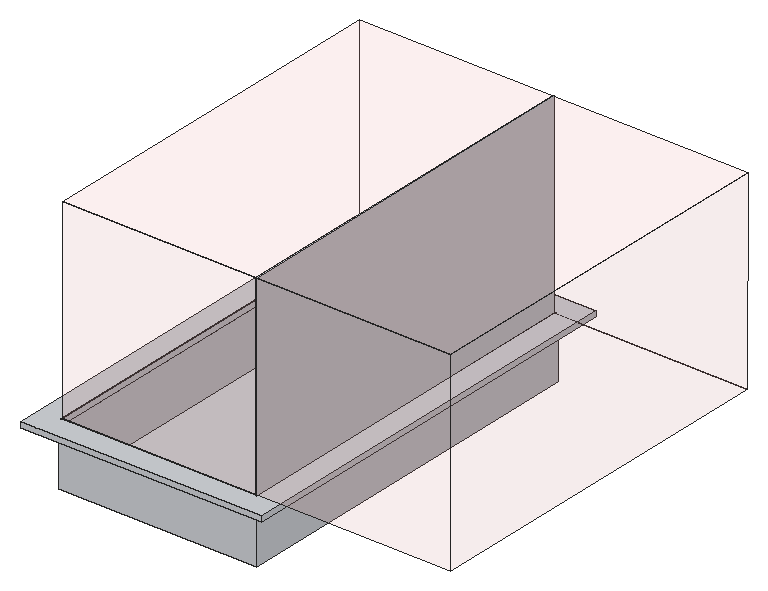
Revit family "Hager-VOLTA-Flush_mounted-IP30-With_Cover-Without_DIN-Hosted-SE-en", category Electrical Equipment, host Face, Revit 2023
Family settings
  Host = Face
  Panel Configuration = Two Columns, Circuits Across
  Round Connector Dimension = Use Diameter
  Part Type = Panelboard
  Cut with Voids When Loaded = No
  Maintain Annotation Orientation = Yes
  Shared = No
  Room Calculation Point = No
Parameters (values of type "VOLTA-Flush_mounted_W348_H630_D98_12_Modular_Spacing-VU36NW")
  Width Control [instance] = if([HG000006-Flush mounted], if([EF000846 - Built-in width] > min_whd, [EF000846 - Built-in width], min_whd), if([EF000008 - Width] > min_whd, ([EF000008 - Width]), min_whd))  # 314.5 mm
  Void Depth [instance] = if([HG000006-Flush mounted], Depth Control, 1 mm)  # 150 mm
  Uniformat code = "D501001"
  Uniformat = "Low Tension Service & Dist."
  HG000131 - Functional label [instance] = ""
  HG000130 - Functional name [instance] = ""
  HG000099-Onfly Template ID = "507532"
  Type Comments = ""
  System Height [instance] = Height Control - 2 * [HG000005-Thickness]  # 446 mm
  Reference description = ""
  Reference = "VOLTA-Flush_mounted_W348_H630_D98_12_Modular_Spacing-VU36NW"
  Object type = ""
  Name hager = "ADD_Enclosures_EC000214"
  Name BIM&CO = "Electricity"
  Name = "VOLTA-Flush_mounted-IP30-With_Cover-Without_DIN-SE"
  Model = ""
  HGEF002950-Width in number of modular spacings = 12
  HGEF000266-Number of rows = 0
  HG000060-RAL-number = "9010"
  HG000059-Operating voltage [instance] = 230 V
  HG000017-Distance between poles = 18 mm
  HG000016-Door 3D visibility = yes
  HG000015-Clearance visibility = yes
  HG000014-Door on the right = yes
  HG000013-Door on the left = not([HG000014-Door on the right])  # no
  HG000012-Door swing angle = 90.00°
  HG000011-Empty rows from bottom = no
  HG000010-Asymmetric doors = no
  HG000009-Double swing door = no
  HG000008-Number of empty rows = 0
  HG000007-Number of empty columns = 0
  HG000006-Flush mounted = yes
  HG000005-Thickness = 2 mm
  HG000004-Manufacturer reference = "VU36NW"
  HG000003-Range = "VOLTA"
  HG000002-With door or cover = yes
  HG000001-Number of columns = 0
  GTIN (Global Trade Item Number) = ""
  ETIM class name = "Small distribution board"
  ETIM class code = "EC000214"
  EF015941 - Signal passing door = no
  EF015777 - Neutral terminal block = yes
  EF015776 - Earthing terminal block = yes
  EF009212 - Cover model = "With notch"
  EF006306 - With lock = no
  EF006244 - Transparent cover/door = no
  EF005474 - Degree of protection (IP) = "IP30"
  EF004464 - Type of door = ""
  EF004462 - Type of closure = "Other"
  EF002950 - Width in number of modular spacings = 12
  EF001596 - Housing material = ""
  EF001134 - DIN-rail = no
  EF001131 - Inner depth = 0 mm
  EF001088 - Extension possible = yes
  EF001062 - EMC-version = no
  EF000846 - Built-in width = 314.5 mm
  EF000339 - Type of covering = ""
  EF000332 - Built-in height = 595 mm
  EF000266 - Number of rows = 0
  EF000218 - Built-in depth = 89 mm
  EF000118 - With mounting plate = yes
  EF000116 - RAL-number = 9010
  EF000049 - Depth = 98 mm
  EF000040 - Height = 630 mm
  EF000024 - UV resistant = no
  EF000008 - Width = 348 mm
  EF000007 - Colour = "White"
  EF000003 - Mounting method = "Flush-mounted"
  Creation Date = "12/15/2025 21:48:34"
  Code hager = "ADD-EC000214_EU"
  BIM&CO code = ""
  BC_VARIANT_ID = "1174467"
  BC_OBJECT_VERSION = "#1"  # constant formula
  BC_OBJECT_ID = "513508"  # constant formula
  BC_MODEL_ID = "1547277"  # constant formula
  Arrow Offset [instance] = Depth Control / 8  # 18.75 mm
  Arrow Height [instance] = Depth Control - Arrow Offset  # 131.25 mm
  Host Offset [instance] = if([HG000006-Flush mounted], 0 mm, [EF000049 - Depth])  # 0 mm
  min_whd [instance] = (2 * [HG000005-Thickness]) + 1 mm  # 5 mm
  Manufacturer = "Hager"  # constant formula
  Height Control [instance] = if([HG000006-Flush mounted], if([EF000332 - Built-in height] > min_whd, [EF000332 - Built-in height], min_whd), if([EF000040 - Height] > min_whd, ([EF000040 - Height]), min_whd))  # 595 mm
  Flush Mounted - Door Frame Width [instance] = if(([EF000040 - Height] - [EF000332 - Built-in height]) > 0 mm, if([HG000006-Flush mounted], [EF000040 - Height] - [EF000332 - Built-in height], 0 mm), 0 mm)  # 35 mm
  Depth Control [instance] = if([HG000006-Flush mounted], if([EF000218 - Built-in depth] > 0 mm, [EF000218 - Built-in depth], 1 mm), if([EF000049 - Depth] > 0 mm, ([EF000049 - Depth]), 1 mm))  # 89 mm
  Default Elevation = 0 mm
Types (4, lengths in mm): name | Width Control | Reference | HGEF002950-Width in number of modular spacings | HGEF000266-Number of rows | HG000004-Manufacturer reference | HG000001-Number of columns | EF015777 - Neutral terminal block | EF015776 - Earthing terminal block | EF002950 - Width in number of modular spacings | EF001062 - EMC-version | EF000846 - Built-in width | EF000332 - Built-in height | EF000266 - Number of rows | EF000218 - Built-in depth | EF000049 - Depth | EF000040 - Height | EF000008 - Width | BC_VARIANT_ID | Height Control | Flush Mounted - Door Frame Width | Depth Control
  VOLTA-Flush_mounted_W426_H286_D89_18_Modular_Spacing-VU118F | 396 | "VOLTA-Flush_mounted_W426_H286_D89_18_Modular_Spacing-VU118F" | 18 | 1 | "VU118F" | 1 | no | no | 18 | yes | 396 | 259 | 1 | 82 | 89 | 286 | 426 | "1174466" | 259 | 27 | 82
  VOLTA-Flush_mounted_W348_H630_D98_12_Modular_Spacing-VU36NW | 314.5 | "VOLTA-Flush_mounted_W348_H630_D98_12_Modular_Spacing-VU36NW" | 12 | 0 | "VU36NW" | 0 | yes | yes | 12 | no | 314.5 | 595 | 0 | 89 | 98 | 630 | 348 | "1174467" | 595 | 35 | 89
  VOLTA-Flush_mounted_W348_H755_D98_12_Modular_Spacing-VU48NW | 314.5 | "VOLTA-Flush_mounted_W348_H755_D98_12_Modular_Spacing-VU48NW" | 12 | 0 | "VU48NW" | 0 | no | no | 12 | no | 314.5 | 720 | 0 | 89 | 98 | 755 | 348 | "1174468" | 720 | 35 | 89
  VOLTA-Flush_mounted_W348_H880_D98_12_Modular_Spacing-VU60NW | 314.5 | "VOLTA-Flush_mounted_W348_H880_D98_12_Modular_Spacing-VU60NW" | 12 | 0 | "VU60NW" | 0 | yes | yes | 12 | no | 314.5 | 845 | 0 | 89 | 98 | 880 | 348 | "1174469" | 845 | 35 | 89
Reference planes
  plane 1 "Center (Front/Back)": y = 0
  plane 2: z = 0
  plane 3 "Center (Left/Right)": x = 0
  plane 4: z = 0
  plane 5: y = 37
  plane 6: z = -5
  plane 7: y = 332.5
  plane 8: y = 35
  plane 9: y = 630
  plane 10: z = -89
  plane 11: x = -157.25
  plane 12: x = 157.25
  plane 13: x = 155.25
  plane 14: x = -155.25
  plane 15: y = 628
  plane 16: z = -87
  plane 17: z = -2
  plane 18: z = -150
  plane 19: z = -2
  plane 20 "Annotation H": y = -100
  plane 21 "Annotation V": x = 457.25
Forms (mm)
  Extrusion 1, solid
    sketch origin (-583.045, 35, 1219.2) x (-1, 0, 0) y (0, 0, 1)
      loop
        line (-425.795, -1219.2) -> (-740.295, -1219.2) -> (-740.295, -1308.2) -> (-425.795, -1308.2) -> (-425.795, -1219.2)
    from 0 to 595 <- "Height Control"
  Extrusion 2, void
    sketch origin (-381.607, -4572, 0) x (0, -1, 0) y (-1, 0, 0)
      loop
        line (-5200, -226.357) -> (-5200, -536.857) -> (-4609, -536.857) -> (-4609, -226.357) -> (-5200, -226.357)
    from 0 to 87
  Extrusion 3, void
    sketch origin (0, 0, 0) x (1, 0, 0) y (0, 1, 0)
      loop
        line (-157.25, 35) -> (157.25, 35) -> (157.25, 630) -> (-157.25, 630) -> (-157.25, 35)
    from -150 to 1
  Extrusion 4, solid, detail levels coarse+medium
    sketch origin (-381.607, -4572, 0) x (-1, 0, 0) y (0, -1, 0)
      loop
        line (-226.357, -5200) -> (-226.357, -4609) -> (-536.857, -4609) -> (-536.857, -5200) -> (-226.357, -5200)
    from 0 to -2
Cuts and joins
  Extrusion 2 cuts Extrusion 1
Dimensions and locks
  plane 4 to plane 6 = 5 mm
  "Host Offset": plane 4 to host face
  "Flush Mounted - Door Frame Width": plane 1 "Center (Front/Back)" to plane 8
  "HG000005-Thickness": plane 5 to plane 8
  locked: connector elem to plane 3 "Center (Left/Right)"
  "Height Control": plane 9 to plane 8
  equal spacing: plane 9, plane 7, plane 8
  locked: connector elem to plane 7
  "Depth Control": plane 4 to plane 10
  "HG000005-Thickness": plane 11 to plane 14
  "HG000005-Thickness": plane 12 to plane 13
  equal spacing: plane 11, plane 3 "Center (Left/Right)", plane 12
  "Width Control": plane 11 to plane 12
  "Arrow Offset": nested 4 to plane 10
  "HG000005-Thickness": plane 9 to plane 15
  "HG000005-Thickness": plane 16 to plane 10
  "HG000005-Thickness": plane 4 to plane 17
  "Void Depth": plane 2 to plane 18
  "HG000005-Thickness": plane 4 to plane 19
  locked: plane 20 "Annotation H" to plane 1 "Center (Front/Back)" at 100
  locked: plane 12 to plane 21 "Annotation V" at 300
  aligned and locked: plane 2 to host face
  aligned and locked: level to host face
  aligned and locked: plane 3 "Center (Left/Right)" to nested 2
  aligned and locked: plane 4 to nested 2
  aligned and locked: nested 2 to plane 8
  aligned and locked: nested 1 to plane 6
  aligned and locked: plane 5 to nested 1
  aligned and locked: nested 4 to plane 11
  aligned and locked: nested 3 to plane 4
  aligned and locked: Extrusion 1 sketch curve to plane 12
  aligned and locked: Extrusion 1 sketch curve to plane 11
  aligned and locked: nested 3 to plane 10
  aligned and locked: plane 10 to Extrusion 1 sketch curve
  aligned and locked: plane 5 to Extrusion 2 sketch curve
  aligned and locked: Extrusion 2 sketch curve to plane 15
  aligned and locked: Extrusion 2 sketch curve to plane 14
  aligned and locked: Extrusion 2 sketch curve to plane 13
  aligned and locked: plane 11 to Extrusion 3 sketch curve
  aligned and locked: plane 9 to Extrusion 3 sketch curve
  aligned and locked: Extrusion 3 sketch curve to plane 8
  aligned and locked: plane 12 to Extrusion 3 sketch curve
  aligned and locked: nested 3 to plane 12
  aligned and locked: Extrusion 3 to plane 18
  aligned and locked: Extrusion 2 to plane 16
  aligned and locked: Extrusion 1 sketch curve to plane 4
  aligned and locked: Extrusion 4 to plane 17
  aligned and locked: Extrusion 4 sketch curve to plane 15
  aligned and locked: Extrusion 4 sketch curve to plane 13
  aligned and locked: Extrusion 4 sketch curve to plane 14
  aligned and locked: plane 5 to Extrusion 4 sketch curve
  aligned and locked: nested 5 to plane 21 "Annotation V"
  aligned and locked: plane 20 "Annotation H" to nested 5
Automatic sketch dimensions
  host sketch curve to host sketch curve = 1469.727 mm
  host sketch curve to host sketch curve = 1434.803 mm
Nested families
  nested 1: "Hager_Enclosure_System" at (0, 37, -5) x (1, 0, 0) z (0, 1, 0), Depth <- "HG000005-Thickness", Height <- "System Height", Border <- "HG000005-Thickness", Flush_Mounted <- "HG000006-Flush mounted", Row_Module_Multiplicator <- "HGEF002950-Width in number of modular spacings", Total_No_Empty_Rows <- "HG000008-Number of empty rows", Total_No_Rows <- "HGEF000266-Number of rows", Empty_Columns <- "HG000007-Number of empty columns", Width_Control <- "Width Control", Empty_Rows_From_Bottom <- "HG000011-Empty rows from bottom", Distance_Between_Poles <- "HG000017-Distance between poles", Rows_Count <- "HGEF000266-Number of rows", Columns_Count <- "HG000001-Number of columns", Built-in_Width <- "EF000846 - Built-in width", Width <- "EF000008 - Width", type "Hager_Enclosure_System", detail levels fine
    with Width_Control 314.5 mm, Width 348 mm, Total_No_Rows 0, Total_No_Empty_Rows 0, Total_No_Columns 1, System_Width 310.5 mm, Rows_Count 0, Rows_Column 0, Row_Module_Multiplicator 12, Panel_4 no, Panel_3 no, Panel_2 no, Panel_1 no, No_Panels_Ctrl 1, Hide_Columns yes, Height 446 mm, Flush_Mounted yes, Empty_Rows_From_Bottom no, Empty_Rows_Column 0, Empty_Columns 0, Empty column 4 0, Empty column 3 0, Empty column 2 0, Empty column 1 0, Distance_Between_Poles 18 mm, Depth 2 mm, Columns_Count 0, Column_Width 310.5 mm, Built-in_Width 314.5 mm, Border 2 mm
  nested 2: "Hager_Enclosure_Door" at (0, 35, 0) x (1, 0, 0) z (0, 1, 0), Border <- "HG000005-Thickness", Door_Right <- "HG000014-Door on the right", Flush_Mounted <- "HG000006-Flush mounted", Door_Left <- "HG000013-Door on the left", 3d_Door <- "HG000016-Door 3D visibility", Angle <- "HG000012-Door swing angle", Assymetrical <- "HG000010-Asymmetric doors", Double <- "HG000009-Double swing door", Clearance <- "HG000015-Clearance visibility", Door <- "HG000002-With door or cover", Height_Ctrl <- "Height Control", Width_Ctrl <- "Width Control", BuiltIn_Depth <- "EF000218 - Built-in depth", Depth <- "EF000049 - Depth", BuiltIn_Width <- "EF000846 - Built-in width", Height <- "EF000040 - Height", BuiltIn_Height <- "EF000332 - Built-in height", Width <- "EF000008 - Width", Transparent <- "EF006244 - Transparent cover/door", type "Hager_Enclosure_Door", detail levels medium+fine
    with min_wh 5 mm, Width_Ctrl 314.5 mm, Width 348 mm, Transparent_Door_No_Bottom_Border no, Transparent no, Leaf_Width 307.5 mm, Leaf_Tolerance 1.5 mm, Leaf_Height 588 mm, Leaf_2_Width 307.5 mm, Leaf_2_Offset 153.75 mm, Leaf_1_Width 307.5 mm, Leaf_1_Offset 153.75 mm, Height_Ctrl 595 mm, Height 630 mm, Frame_Width_Ctrl 33.5 mm, Frame_Width 33.5 mm, Frame_Internal_Offset 2 mm, Frame_Height_Ctrl 35 mm, Frame_Height 35 mm, Frame_Depth_Ctrl 9 mm, Frame_Depth 9 mm, Flush_Mounted yes, Double_Clearance_Ctrl no, Double no, Door_Right_Ctrl yes, Door_Right yes, Door_Left_Ctrl no, Door_Left no, Door yes, Depth 98 mm, Clearance_Depth 307.5 mm, Clearance_Ctrl yes, Clearance yes, BuiltIn_Width 314.5 mm, BuiltIn_Height 595 mm, BuiltIn_Depth 89 mm, Border 2 mm, Assymetrical no, Angle 90.00°, 3d_Door yes
  nested 3: "Hager_Enclosure_Symbol_Triangle" at (-157.25, 0, -89) x (1, 0, 0) z (0, -1, 0), Depth <- "Depth Control", Width <- "Width Control", type "Hager_Enclosure_Symbol_Triangle"
    with Width_Ctrl 314.5 mm, Width 314.5 mm, Depth_Ctrl 89 mm, Depth 89 mm
  nested 4: "Hager_Enclosure_Symbol_Arrow" at (-157.25, 0, -70.25) x (1, 0, 0) z (0, -1, 0), Height <- "Arrow Height", type "Hager_Enclosure_Symbol_Arrow"
    with Width_Inside 9.844 mm, Width 118.125 mm, Height_Ctrl 131.25 mm, Height 131.25 mm
  nested 5: "Hager_Annotation-HG000130" at (457.25, -100, 0) x (-1, 0, 0) z (0, 0, 1), HG000130 - Functional name <- "HG000130 - Functional name", type "Hager_Annotation-HG000130"
    with HG000130 - Functional name ""
Connectors
  electrical at (0, 332.5, -89)
    settings: on plane 10, index 1, voltage 0 V, apparent load 0 VA, apparent load phase1 0 VA, apparent load phase2 0 VA, apparent load phase3 0 VA, power factor 1, load classification "Other", number of poles 1, system type 30, power factor state 1, is connector primary yes, connector utility no, sub classification motor no, connector description ""
Definition of nested family "Hager_Enclosure_Door"
  Parameters (values of type "Hager_Enclosure_Door")
    min_wh [instance] = (2 * Border) + 1 mm  # 11 mm
    Width_Ctrl [instance] = 400 mm
    Width [instance] = 500 mm
    Transparent_Door_No_Bottom_Border [instance] = no
    Transparent [instance] = yes
    Leaf_Width [instance] = if((Width_Ctrl - 2 * Border - 2 * Leaf_Tolerance) > 0 mm, (Width_Ctrl - 2 * Border - 2 * Leaf_Tolerance), min_wh)  # 387 mm
    Leaf_Tolerance [instance] = 1.5 mm  # constant formula
    Leaf_Height [instance] = if((Height_Ctrl - 2 * Border - 2 * Leaf_Tolerance) > 0 mm, (Height_Ctrl - 2 * Border - 2 * Leaf_Tolerance), min_wh)  # 387 mm
    Leaf_2_Width [instance] = if(and(and(Double, Assymetrical), Door_Left), (Leaf_Width / 3) - (Leaf_Tolerance / 2), if(and(and(Double, Assymetrical), Door_Right), (Leaf_Width / 3) * 2 - (Leaf_Tolerance / 2), if(and(Double, not(Assymetrical)), (Leaf_Width / 2) - Leaf_Tolerance, Leaf_Width)))  # 387 mm
    Leaf_2_Offset [instance] = if(and(Double, Assymetrical), Leaf_2_Width / 2, if(and(Double, not(Assymetrical)), Leaf_Width / 4, Leaf_Width / 2))  # 193.5 mm
    Leaf_1_Width [instance] = if(and(and(Double, Assymetrical), Door_Right), (Leaf_Width / 3) - (Leaf_Tolerance / 2), if(and(and(Double, Assymetrical), Door_Left), (Width / 3) * 2 - (Leaf_Tolerance / 2), if(and(Double, not(Assymetrical)), (Leaf_Width / 2) - Leaf_Tolerance, Leaf_Width)))  # 387 mm
    Leaf_1_Offset [instance] = if(and(Double, Assymetrical), Leaf_1_Width / 2, if(and(Double, not(Assymetrical)), Leaf_Width / 4, Leaf_Width / 2))  # 193.5 mm
    Height_Ctrl [instance] = 400 mm
    Height [instance] = 500 mm
    Frame_Width_Ctrl [instance] = if(Frame_Width > 0 mm, Frame_Width, 1 mm)  # 1 mm
    Frame_Width [instance] = Width - BuiltIn_Width  # 0 mm
    Frame_Internal_Offset [instance] = if(Flush_Mounted, Border, 0 mm)  # 5 mm
    Frame_Height_Ctrl [instance] = if(Frame_Height > 0 mm, Frame_Height, 1 mm)  # 1 mm
    Frame_Height [instance] = Height - BuiltIn_Height  # 0 mm
    Frame_Depth_Ctrl [instance] = if(Frame_Depth > 0 mm, Frame_Depth, 1 mm)  # 1 mm
    Frame_Depth [instance] = if(Depth - BuiltIn_Depth > 0 mm, if(Flush_Mounted, Depth - BuiltIn_Depth, 0 mm), 0 mm)  # 0 mm
    Flush_Mounted [instance] = yes
    Double_Clearance_Ctrl [instance] = and(Double, Clearance)  # no
    Double [instance] = no
    Door_Right_Ctrl [instance] = and(or(Door_Right, Double), Door)  # yes
    Door_Right [instance] = yes
    Door_Left_Ctrl [instance] = and(or(Door_Left, Double), Door)  # no
    Door_Left [instance] = no
    Door [instance] = yes
    Depth [instance] = 500 mm
    Default Elevation = 1219.2 mm
    Clearance_Material = none
    Clearance_Depth [instance] = if(Leaf_1_Width > Leaf_2_Width, Leaf_1_Width, Leaf_2_Width)  # 387 mm
    Clearance_Ctrl [instance] = and(not(Double), Clearance)  # yes
    Clearance [instance] = yes
    BuiltIn_Width [instance] = 500 mm
    BuiltIn_Height [instance] = 500 mm
    BuiltIn_Depth [instance] = 500 mm
    Border [instance] = 5 mm
    Assymetrical [instance] = yes
    Angle [instance] = 30.00°
    3d_Door [instance] = yes
  Reference planes
    plane 1 "Center (Front/Back)": y = 0
    plane 2 "Bottom": z = 0
    plane 3 "Center (Left/Right)": x = 0
    plane 4: z = 400
    plane 5: x = -200
    plane 6: x = 200
    plane 7: z = 395
    plane 8: x = -195
    plane 9: z = 5
    plane 10: x = 195
    plane 11: y = 0
    plane 12: z = 6.5
    plane 13: x = -582
    plane 14: y = -387
    plane 15: x = 582
    plane 16: x = 0
    plane 17: x = 0
    plane 18: x = -193.5
    plane 19: x = 193.5
    plane 20: z = 393.5
  Forms (mm)
    Extrusion 1, solid, visible <- "Flush_Mounted"
      sketch origin (0, 0, 0) x (1, 0, 0) y (0, 0, 1)
        loop
          line (195, 5) -> (195, 395) -> (-195, 395) -> (-195, 5) -> (195, 5)
        loop
          line (-201, 401) -> (-201, -1) -> (201, -1) -> (201, 401) -> (-201, 401)
      from 0 to 1 <- "Frame_Depth_Ctrl"
    Extrusion 2, solid, material <- "Clearance_Material", visible <- "Double_Clearance_Ctrl"
      sketch origin (1200, 0, 0) x (1, 0, 0) y (0, 0, -1)
        loop
          line (-1782, -393.5) -> (-618, -393.5) -> (-618, 0) -> (-1782, 0) -> (-1782, -393.5)
      from 0 to -387
  Dimensions and locks
    equal spacing: plane 5, plane 3 "Center (Left/Right)", plane 6
    "Width_Ctrl": plane 5 to plane 6
    "Border": plane 5 to plane 8
    "Border": plane 6 to plane 10
    "Border": plane 9 to level
    "Border": plane 4 to plane 7
    "Height_Ctrl": plane 4 to level
    "Leaf_Tolerance": plane 12 to plane 9
    "Frame_Depth": plane 11 to plane 1 "Center (Front/Back)"
    "Frame_Width_Ctrl": plane 5 to Extrusion 1 sketch curve
    "Frame_Width_Ctrl": plane 6 to Extrusion 1 sketch curve
    "Frame_Width_Ctrl": Extrusion 1 sketch curve to plane 4
    "Frame_Width_Ctrl": plane 2 "Bottom" to Extrusion 1 sketch curve
    "Leaf_1_Offset": plane 18 to plane 16
    "Leaf_2_Offset": plane 17 to plane 19
    "Leaf_1_Width": plane 13 to plane 8
    "Leaf_2_Width": plane 10 to plane 15
    "Clearance_Depth": plane 14 to plane 1 "Center (Front/Back)"
    "Leaf_Tolerance": plane 8 to plane 18
    "Leaf_Tolerance": plane 19 to plane 10
    "Leaf_Tolerance": plane 7 to plane 20
    "Frame_Internal_Offset": plane 5 to Extrusion 1 sketch curve
    "Frame_Internal_Offset": Extrusion 1 sketch curve to plane 2 "Bottom"
    "Frame_Internal_Offset": plane 6 to Extrusion 1 sketch curve
    "Frame_Internal_Offset": plane 4 to Extrusion 1 sketch curve
    aligned and locked: level to plane 2 "Bottom"
    aligned and locked: nested 1 to plane 16
    aligned and locked: nested 2 to plane 17
    aligned and locked: Extrusion 2 to plane 13
    aligned and locked: plane 15 to Extrusion 2
    aligned and locked: Extrusion 2 to plane 14
    aligned and locked: plane 12 to nested 1
    aligned and locked: nested 2 to plane 12
    aligned and locked: Extrusion 2 to plane 11
    aligned and locked: plane 20 to Extrusion 2
    aligned and locked: nested 2 to plane 11
    aligned and locked: nested 1 to plane 11
  Automatic sketch dimensions
    Extrusion 2 sketch curve to level = 0 mm
    plane 5 to Extrusion 2 sketch curve = 382 mm
    plane 6 to Extrusion 2 sketch curve = 382 mm
    Extrusion 2 sketch curve to plane 4 = 6.5 mm
  Nested families
    nested 1: "Hager_Enclosure_Door_Leaf" at (0, 0, 6.5), Width <- "Leaf_1_Width", visible <- "Door_Left_Ctrl", Leaf_Height <- "Leaf_Height", Angle <- "Angle", Depth <- "Border", 3d_Door <- "3d_Door", Transparent <- "Transparent", Clearance Material <- "Clearance_Material", Clearance <- "Clearance_Ctrl", Transparent_Door_No_Bottom_Border <- "Transparent_Door_No_Bottom_Border", type "Hager_Enclosure_Door_Leaf"
      with Width 387 mm, Transparent_Door_No_Bottom_Border no, Transparent_Door_Border_Bottom_Top 25 mm, Transparent_Door_Border 25 mm, Transparent_Ctrl yes, Transparent yes, Standard no, Leaf_Height 387 mm, Glass_Offset 1 mm, Depth 5 mm, Clearance Material none, Clearance yes, Angle_Ctrl 30.00°, Angle 30.00°, 3d_Door yes
    nested 2: "Hager_Enclosure_Door_Leaf" at (0, 0, 6.5) x (-1, 0, 0) z (0, 0, 1), Width <- "Leaf_2_Width", visible <- "Door_Right_Ctrl", Leaf_Height <- "Leaf_Height", Angle <- "Angle", Depth <- "Border", 3d_Door <- "3d_Door", Transparent <- "Transparent", Clearance Material <- "Clearance_Material", Clearance <- "Clearance_Ctrl", Transparent_Door_No_Bottom_Border <- "Transparent_Door_No_Bottom_Border", type "Hager_Enclosure_Door_Leaf"
      with Width 387 mm, Transparent_Door_No_Bottom_Border no, Transparent_Door_Border_Bottom_Top 25 mm, Transparent_Door_Border 25 mm, Transparent_Ctrl yes, Transparent yes, Standard no, Leaf_Height 387 mm, Glass_Offset 1 mm, Depth 5 mm, Clearance Material none, Clearance yes, Angle_Ctrl 30.00°, Angle 30.00°, 3d_Door yes
  Definition of nested family "Hager_Enclosure_Door_Leaf"
    Parameters (values of type "Hager_Enclosure_Door_Leaf")
      Width [instance] = 2000 mm
      Transparent_Door_No_Bottom_Border [instance] = yes
      Transparent_Door_Border_Bottom_Top [instance] = if(Transparent_Door_No_Bottom_Border, 0.1 mm, Transparent_Door_Border)  # 0.1 mm
      Transparent_Door_Border [instance] = if(Transparent_Door_No_Bottom_Border, (Width * 0.12), 25 mm)  # 240 mm
      Transparent_Ctrl [instance] = and(Transparent, [3d_Door])  # yes
      Transparent [instance] = yes
      Standard [instance] = and(not(Transparent), [3d_Door])  # no
      Leaf_Height [instance] = 2720.336 mm
      Glass_Offset [instance] = if((Depth - 10 mm) / 2 > 0 mm, (Depth - 10 mm) / 2, 1 mm)  # 15 mm
      Glass_Material = none
      Depth [instance] = 40 mm
      Default Elevation = 0 mm
      Clearance Material [instance] = none
      Clearance [instance] = yes
      Angle_Ctrl [instance] = if(Angle > 170.00°, 170.00°, Angle)  # 45.00°
      Angle [instance] = 45.00°
      3d_Door [instance] = yes
    Reference planes
      plane 1 "Center (Front/Back)": y = 0
      plane 2: z = 0
      plane 3 "Center (Left/Right)": x = 0
      plane 4: y = 2000
      plane 5: x = -1000
      plane 6: x = 1000
      plane 7: x = -3000
      plane 8: z = 2720.336
      plane 9: z = 0.1
      plane 10: z = 2720.236
      plane 11: x = 760
      plane 12: x = -760
    Forms (mm)
      Extrusion 1, solid, material <- "Clearance Material", visible <- "Clearance"
        sketch origin (0, 0, 0) x (1, 0, 0) y (0, 0, 1)
          loop
            line (-3000, 2720.336) -> (-3000, 0) -> (1000, 0) -> (1000, 2720.336) -> (-3000, 2720.336)
        from 0 to -2000
      Extrusion 2, solid, visible <- "Standard", detail levels medium+fine
        sketch origin (-1000, 0, 0) x (0.707107, 0.707107, 0) y (-0.707107, 0.707107, 0)
          loop
            line (0, -40) -> (2000, -40) -> (2000, 0) -> (0, 0) -> (0, -40)
        from 0 to 2720.336 <- "Leaf_Height"
      Extrusion 3, solid, visible <- "Transparent_Ctrl", detail levels medium+fine
        sketch origin (-1000, 0, 0) x (0.707107, 0.707107, 0) y (-0.707107, 0.707107, 0)
          loop
            line (0, -40) -> (2000, -40) -> (2000, 0) -> (0, 0) -> (0, -40)
        from 0 to 2720.336 <- "Leaf_Height"
      Extrusion 4, void, detail levels medium+fine
        sketch origin (-1000, 0, 0) x (-0.707107, 0.707107, 0) y (0.707107, 0.707107, 0)
          loop
            line (0, 240) -> (0, 1760) -> (-40, 1760) -> (-40, 240) -> (0, 240)
        from -2720.236 to -0.1
      Extrusion 5, solid, material <- "Glass_Material", visible <- "Transparent_Ctrl", detail levels medium+fine
        sketch origin (-1000, 0, 0) x (0.707107, 0.707107, 0) y (-0.707107, 0.707107, 0)
          loop
            line (240, -15) -> (240, -25) -> (1760, -25) -> (1760, -15) -> (240, -15)
        from 0.1 to 2720.236
    Cuts and joins
      Extrusion 4 cuts Extrusion 3
    Lines and regions (mm)
      symbolic lines
        curve 1: line (1000, 0, 0) -> (-3000, 0, 0)
        curve 2: arc (1000, 0, 0) -> (-1000, 2000, 0) -> (-3000, 0, 0) r 2000
        curve 4: line (-1000, 0, 0) -> (414.214, 1414.214, 0)
      reference lines
        curve 3: line (-1000, 0, 0) -> (414.214, 1414.214, 0)
      symbolic lines, detail levels medium+fine
        curve 5: line (414.214, 1414.214, 0) -> (442.498, 1385.929, 0)
        curve 6: line (442.498, 1385.929, 0) -> (-971.716, -28.284, 0)
        curve 7: line (-971.716, -28.284, 0) -> (-1000, 0, 0)
        curve 8: line (-1000, 0, 2720.336) -> (1000, 0, 2720.336)
        curve 9: line (-1000, 0, 0) -> (-1000, 0, 2720.336)
        curve 10: line (1000, 0, 0) -> (-1000, 0, 0)
        curve 11: line (1000, 0, 2720.336) -> (1000, 0, 0)
      symbolic lines, visible <- "Transparent_Ctrl", detail levels medium+fine
        curve 12: line (-760, 0, 2720.236) -> (760, 0, 2720.236)
        curve 13: line (-760, 0, 0.1) -> (-760, 0, 2720.236)
        curve 14: line (760, 0, 0.1) -> (-760, 0, 0.1)
        curve 15: line (760, 0, 2720.236) -> (760, 0, 0.1)
    Dimensions and locks
      "Width": plane 1 "Center (Front/Back)" to plane 4
      equal spacing: plane 5, plane 3 "Center (Left/Right)", plane 6
      "Width": plane 5 to plane 6
      "Width": plane 7 to plane 5
      "Leaf_Height": plane 8 to level
      "Depth": curve 6 to curve 3
      "Width": curve 5 to curve 3
      "Width": curve 3 to curve 3
      "Transparent_Door_Border": Extrusion 4 sketch curve to curve 7
      "Transparent_Door_Border": Extrusion 4 sketch curve to curve 5
      "Transparent_Door_Border_Bottom_Top": plane 8 to plane 10
      "Transparent_Door_Border_Bottom_Top": plane 9 to level
      "Glass_Offset": Extrusion 5 sketch curve to curve 4
      "Glass_Offset": Extrusion 5 sketch curve to curve 6
      "Transparent_Door_Border": Extrusion 5 sketch curve to curve 5
      "Transparent_Door_Border": Extrusion 5 sketch curve to curve 7
      "Transparent_Door_Border": plane 12 to plane 5
      "Transparent_Door_Border": plane 6 to plane 11
      "Angle_Ctrl": angle plane 1 "Center (Front/Back)" to curve 3
      aligned and locked: level to plane 2
      aligned and locked: Extrusion 1 to curve 1
      aligned and locked: plane 6 to Extrusion 1
      aligned and locked: Extrusion 1 to plane 1 "Center (Front/Back)"
      aligned and locked: plane 4 to Extrusion 1
      aligned and locked: plane 8 to Extrusion 1
      aligned and locked: curve 4 to curve 3
      aligned and locked: Extrusion 2 sketch curve to curve 7
      aligned and locked: Extrusion 2 sketch curve to curve 6
      aligned and locked: Extrusion 2 sketch curve to curve 5
      aligned and locked: Extrusion 2 sketch curve to curve 3
      aligned and locked: curve 7 to Extrusion 3 sketch curve
      aligned and locked: Extrusion 3 sketch curve to curve 4
      aligned and locked: Extrusion 3 sketch curve to curve 6
      aligned and locked: Extrusion 3 sketch curve to curve 5
      aligned and locked: curve 4 to Extrusion 4 sketch curve
      aligned and locked: curve 6 to Extrusion 4 sketch curve
      aligned and locked: Extrusion 4 to plane 9
      aligned and locked: Extrusion 4 to plane 10
      aligned and locked: Extrusion 5 to plane 9
      aligned and locked: Extrusion 5 to plane 10
      aligned and locked: curve 8 to plane 8
      aligned and locked: plane 5 to curve 9
      aligned and locked: plane 2 to curve 10
      aligned and locked: curve 11 to plane 6
      aligned and locked: plane 10 to curve 12
      aligned and locked: plane 12 to curve 13
      aligned and locked: curve 14 to plane 9
      aligned and locked: plane 11 to curve 15
    Automatic sketch dimensions
      plane 1 "Center (Front/Back)" to curve 2 = 0 mm
      curve 2 to plane 5 = 0 mm
      Extrusion 1 sketch curve to level = 0 mm
      Extrusion 1 sketch curve to plane 7 = 0 mm
      Extrusion 1 sketch curve to plane 6 = 0 mm
      Extrusion 1 sketch curve to plane 8 = 0 mm
      plane 1 "Center (Front/Back)" to curve 3 = 0 mm
      curve 3 to plane 5 = 0 mm
      curve 7 to curve 3 = 0 mm
Definition of nested family "Hager_Enclosure_Symbol_Triangle"
  Parameters (values of type "Hager_Enclosure_Symbol_Triangle")
    Width_Ctrl [instance] = if(Width > 1 mm, Width, 1 mm)  # 498 mm
    Width [instance] = 498 mm
    Depth_Ctrl [instance] = if(Depth > 1 mm, Depth, 1 mm)  # 72 mm
    Depth [instance] = 72 mm
  Reference planes
    plane 1 "Centre (avant/arrière)": y = 0
    plane 2: z = 0
    plane 3 "Centre (gauche/droite)": x = 0
  Lines and regions (mm)
    Filled region 1, type "Solid_Black", in view "Niveau de réf."
      outline origin (0, 0, 0) x (1, 0, 0) y (0, 1, 0)
        loop
          line (0, 0) -> (498, 0) -> (498, 72) -> (0, 0)
    reference lines, in view "Niveau de réf."
      curve 1: line (-206.153, 72, 0) -> (1083.258, 72, 0)
      curve 2: line (498, 405.456, 0) -> (498, -517.619, 0)
  Dimensions and locks
    "Depth_Ctrl": plane 1 "Centre (avant/arrière)" to curve 1
    "Width_Ctrl": plane 3 "Centre (gauche/droite)" to curve 2
    aligned and locked: curve 1 to Filled region 1 sketch curve
    aligned and locked: Filled region 1 sketch curve to plane 1 "Centre (avant/arrière)"
    aligned and locked: curve 2 to Filled region 1 sketch curve
    aligned and locked: plane 3 "Centre (gauche/droite)" to Filled region 1 sketch curve
    aligned and locked: plane 1 "Centre (avant/arrière)" to Filled region 1 sketch curve
  Automatic sketch dimensions
    curve 1 to plane 3 "Centre (gauche/droite)" = 206.153 mm
    curve 2 to curve 1 = 585.258 mm
    plane 1 "Centre (avant/arrière)" to curve 2 = 517.619 mm
    curve 2 to plane 1 "Centre (avant/arrière)" = 405.456 mm
Definition of nested family "Hager_Enclosure_Symbol_Arrow"
  Parameters (values of type "Hager_Enclosure_Symbol_Arrow")
    Width_Inside [instance] = if(Width / 12 > 2 mm, Width / 12, 2 mm)  # 4.987 mm
    Width [instance] = if(Height_Ctrl * 0.9 > 2 mm, Height_Ctrl * 0.9, 2 mm)  # 59.85 mm
    Height_Ctrl [instance] = if(Height > 2 mm, Height, 2 mm)  # 66.5 mm
    Height [instance] = 66.5 mm
  Reference planes
    plane 1 "Centre (avant/arrière)": y = 0
    plane 2: z = 0
    plane 3 "Centre (gauche/droite)": x = 0
    plane 4: x = 59.85
    plane 5: y = 28.263
    plane 6: y = 38.238
    plane 7: y = 66.5
    plane 8: x = 29.925
    plane 9: y = 33.25
  Lines and regions (mm)
    Filled region 1, type "Solid_Black", in view "Niveau de réf."
      outline origin (0, 0, 0) x (1, 0, 0) y (0, 1, 0)
        loop
          line (59.85, 66.5) -> (37.929, 52.827) -> (51.846, 41.935) -> (59.85, 66.5)
    detail lines, in view "Niveau de réf."
      curve 1: line (0, 0, 0) -> (29.925, 38.238, 0)
      curve 2: line (29.925, 38.238, 0) -> (29.925, 28.263, 0)
      curve 3: line (29.925, 28.263, 0) -> (59.85, 66.5, 0)
  Dimensions and locks
    "Width": plane 3 "Centre (gauche/droite)" to plane 4
    "Height_Ctrl": plane 7 to plane 1 "Centre (avant/arrière)"
    equal spacing: plane 3 "Centre (gauche/droite)", plane 8, plane 4
    equal spacing: plane 7, plane 9, plane 1 "Centre (avant/arrière)"
    equal spacing: plane 6, plane 9, plane 5
    "Width_Inside": plane 6 to plane 9
    equal spacing: curve 3, Filled region 1 sketch curve, Filled region 1 sketch curve
    angle Filled region 1 sketch curve to curve 3 = 20.00°
    angle curve 3 to Filled region 1 sketch curve = 20.00°
    locked: curve 3 to Filled region 1 sketch curve (angle 90.00°)
  Automatic sketch dimensions
    plane 1 "Centre (avant/arrière)" to curve 1 = 0 mm
    curve 1 to plane 3 "Centre (gauche/droite)" = 0 mm
    curve 2 to plane 6 = 0 mm
    curve 3 to plane 8 = 0 mm
    curve 3 to plane 4 = 0 mm
    curve 2 to plane 5 = 0 mm
    curve 3 to plane 7 = 0 mm
    Filled region 1 sketch curve to plane 4 = 0 mm
    Filled region 1 sketch curve to plane 7 = 0 mm
Definition of nested family "Hager_Annotation-HG000130"
  Parameters (values of type "Hager_Annotation-HG000130")
    HG000130 - Functional name [instance] = ""
  Reference planes
    plane 1: y = 0
    plane 2: x = 0
  Lines and regions (mm)
    detail lines
      curve 1: line (-27.5, 10, 0) -> (27.5, 10, 0)
      curve 2: line (-27.5, -10, 0) -> (-27.5, 10, 0)
      curve 3: line (27.5, -10, 0) -> (-27.5, -10, 0)
      curve 4: line (27.5, 10, 0) -> (27.5, -10, 0)
  Text (mm)
    label "HG000130 - Functional name" at (0.16, 0.026, 0), shows "HG000130 - Functional name"
